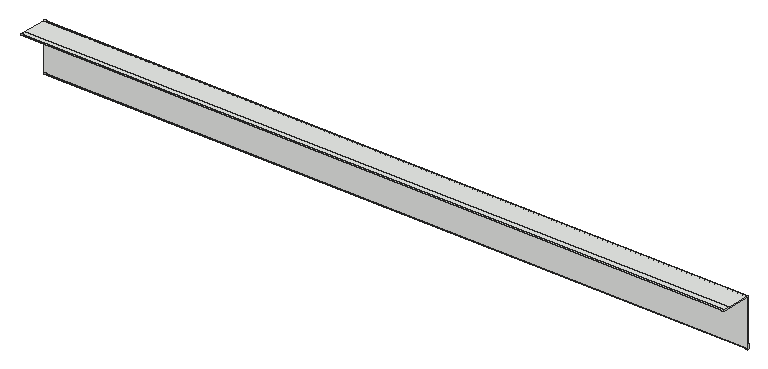
Revit family "profiles PR620 2015", category Generic Models, Revit 2015
Parameters (values of type "ISOLAMIN PR620 flashing")
  Profile Length [instance] = 1180 mm
Reference planes
  plane 1 "Center (Front/Back)": y = 0
  plane 2: z = 0
  plane 3 "Center (Left/Right)": x = 0
  plane 4: x = 1180
Forms (mm)
  Extrusion 1, solid, material "ISOLAMIN Surface Material"
    sketch origin (0, 14.187, -18.856) x (0, 1, 0) y (0, 0, 1)
      loop
        arc (-16.251, 19.599) -> (-15.251, 18.855) -> (-14.251, 19.599) r 1.044
        line (-14.251, 19.599) -> (-14.251, 25.958) -> (-15.251, 25.958) -> (-15.251, 98.155)
        arc (-15.251, 98.155) -> (-15.456, 98.65) -> (-15.951, 98.855) r 0.7
        line (-15.951, 98.855) -> (-55.951, 98.855) -> (-55.951, 99.855) -> (-64.507, 99.855)
        arc (-64.507, 99.855) -> (-65.251, 98.855) -> (-64.507, 97.855) r 1.044
        line (-64.507, 97.855) -> (-16.251, 97.855) -> (-16.251, 19.599)
    from 0 to 1180
Dimensions and locks
  "Profile Length": plane 3 "Center (Left/Right)" to plane 4
  aligned and locked: level to plane 2
  aligned and locked: plane 4 to Extrusion 1
Automatic sketch dimensions
  plane 1 "Center (Front/Back)" to Extrusion 1 sketch curve = 2.064 mm
  Extrusion 1 sketch curve to Extrusion 1 sketch curve = 1 mm  (x4)
  level to Extrusion 1 sketch curve = 0.743 mm
  Extrusion 1 sketch curve to Extrusion 1 sketch curve = 0.3 mm  (x5)
  Extrusion 1 sketch curve to Extrusion 1 sketch curve = 6.059 mm
  Extrusion 1 sketch curve to Extrusion 1 sketch curve = 71.897 mm
  Extrusion 1 sketch curve to Extrusion 1 sketch curve = 39.7 mm
  Extrusion 1 sketch curve to Extrusion 1 sketch curve = 8.556 mm
